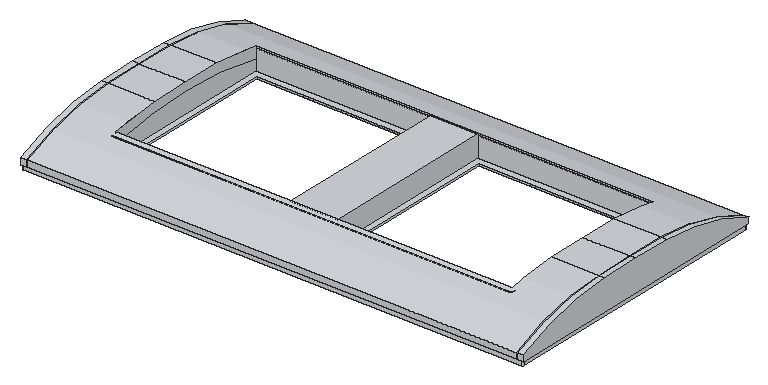
Revit family "Gira_0212803", category Electrical Fixtures, host Face, Revit 2017
Family settings
  Host = Face
  Maintain Annotation Orientation = No
  Round Connector Dimension = Use Diameter
  Part Type = Normal
  Cut with Voids When Loaded = No
  Shared = No
  Room Calculation Point = No
Parameters (values of type "Cov.fr. 2-g interm.fr. PW Gira Event p.white")
  With mounting grid = "No"
  With hinged lid = "No"
  URL = "http://katalog.gira.de/en/datenblatt.html?artikelnr=0212803"
  Type of fastening = "Clamp mounting"
  Transparent = "No"
  Surface protection = "Other"
  Suitable for wall duct = "No"
  Suitable for flush-mounted installation = "Yes"
  Suitable for floor box = "No"
  Suitable for built-in installation = "No"
  Number of units vertical = "2"
  Number of units horizontal = "2"
  Number of units = "2"
  Name = "Cov.fr. 2-g interm.fr. PW Gira Event p.white"
  Mounting direction = "Horizontal and vertical"
  Material quality = "Thermoplastic"
  Material = "Plastic"
  Manufacturer URL = "https://www.gira.de/"
  Manufacturer = "Gira"
  Label space/information surface = "No"
  Keynote = ""
  HeinzeBIM = "https://bimportal.heinze.de/bim/cov-fr-2-g-interm-fr-pw-gira-event-p-white/da16baabc88458c66f79bcc021243b95723c1d70"
  Halogen free = "Yes"
  HAN = "0212803"
  GTIN = "4010337069973"
  Description = "Cov.fr.2g i.fr.PW Event PW,Gira Event frames,pure white glossy with pure white glossy intermediate frame,2-gang,Features:,- Shatter-proof."
  Degree of protection (IP) = "IP20"
  Default Elevation = 1219.2 mm
  Data sheet (1) = "https://katalog.gira.de/en/download.html?artikelnr=0212803"
  Colour = "White"
  Category = "Cover frame for domestic switching devices"
  BIM (1) = "https://media.stage.bim.site/public/gira/36a6b08/Event_Rahmen_2fach.rfa"
  Available = "No"
Reference planes
  plane 1 "Center (Front/Back)": y = 0
  plane 2: z = 0
  plane 3 "Center (Left/Right)": x = 0
Forms (mm)
  Extrusion 1, solid, detail levels fine
    sketch origin (0, 0, 0.05) x (0, 1, 0) y (0, 0, 1)
      loop
        arc (12.445, 9.683) -> (6.223, 9.833) -> (0, 9.85) r 291.636
        arc (0, 9.85) -> (-6.223, 9.833) -> (-12.445, 9.683) r 291.636
        arc (-12.445, 9.683) -> (-29.14, 7.482) -> (-45, 1.823) r 79.728
        line (-45, 1.823) -> (-45, -0.05) -> (-42.086, -0.05)
        arc (-42.086, -0.05) -> (-21.385, 5.559) -> (0, 7.206) r 114.424
        arc (0, 7.206) -> (21.385, 5.559) -> (42.086, -0.05) r 114.424
        line (42.086, -0.05) -> (45, -0.05) -> (45, 1.823)
        arc (45, 1.823) -> (29.14, 7.482) -> (12.445, 9.683) r 79.728
    from -78.55 to 78.55
  Extrusion 2, void, detail levels fine
    sketch origin (0, 0, 0) x (1, 0, 0) y (0, 1, 0)
      loop
        line (-63.55, -27.937) -> (63.55, -27.937) -> (63.55, 28.063) -> (-63.55, 28.063) -> (-63.55, -27.937)
    from 0.724 to 11
  Extrusion 3, solid, detail levels coarse
    sketch origin (0, 0, 0) x (1, 0, 0) y (0, 1, 0)
      loop
        line (-80.55, 45) -> (-80.55, -45) -> (80.55, -45) -> (80.55, 45) -> (-80.55, 45)
    from -1.5 to 9.9
  Extrusion 4, solid, detail levels medium
    sketch origin (0, 0, 0.05) x (0, 1, 0) y (0, 0, 1)
      loop
        arc (12.445, 9.683) -> (6.223, 9.833) -> (0, 9.85) r 291.636
        arc (0, 9.85) -> (-6.223, 9.833) -> (-12.445, 9.683) r 291.636
        arc (-12.445, 9.683) -> (-29.14, 7.482) -> (-45, 1.823) r 79.728
        line (-45, 1.823) -> (-45, -0.05) -> (45, -0.05) -> (45, 1.823)
        arc (45, 1.823) -> (29.14, 7.482) -> (12.445, 9.683) r 79.728
    from -80.55 to 80.55
  Extrusion 5, solid, detail levels fine
    sketch origin (-35.55, 0, -1.5) x (0, 1, 0) y (0, 0, -1)
      loop
        line (45, -3.373) -> (45, -1.5) -> (-45, -1.5) -> (-45, -3.373)
        arc (-45, -3.373) -> (-29.14, -9.032) -> (-12.445, -11.233) r 79.728
        arc (-12.445, -11.233) -> (-6.223, -11.383) -> (0, -11.4) r 291.636
        arc (0, -11.4) -> (6.223, -11.383) -> (12.445, -11.233) r 291.636
        arc (12.445, -11.233) -> (29.14, -9.032) -> (45, -3.373) r 79.728
    from 43 to 45
  Extrusion 6, solid, detail levels fine
    sketch origin (0, 0, 0) x (1, 0, 0) y (0, 1, 0)
      loop
        line (-61.45, 25.7) -> (-61.45, -25.7) -> (-9.65, -25.7) -> (-9.65, 25.7) -> (-61.45, 25.7)
      loop
        line (61.45, -25.7) -> (61.45, 25.7) -> (9.65, 25.7) -> (9.65, -25.7) -> (61.45, -25.7)
      loop
        line (-64.445, 28.49) -> (-64.445, -28.495)
        spline (-64.445, -28.495) -> (-64.436, -28.625) -> (-64.411, -28.754) -> (-64.369, -28.878) -> (-64.311, -28.995) -> (-64.238, -29.104) -> (-64.152, -29.202) -> (-64.054, -29.288) -> (-63.945, -29.361) -> (-63.828, -29.419) -> (-63.704, -29.461) -> (-63.575, -29.486) -> (-63.445, -29.495)
        line (-63.445, -29.495) -> (63.445, -29.495)
        spline (63.445, -29.495) -> (63.575, -29.486) -> (63.704, -29.461) -> (63.828, -29.419) -> (63.945, -29.361) -> (64.054, -29.288) -> (64.152, -29.202) -> (64.238, -29.104) -> (64.311, -28.995) -> (64.369, -28.878) -> (64.411, -28.754) -> (64.436, -28.625) -> (64.445, -28.495)
        line (64.445, -28.495) -> (64.445, 28.49)
        spline (64.445, 28.49) -> (64.436, 28.62) -> (64.411, 28.748) -> (64.369, 28.872) -> (64.311, 28.99) -> (64.238, 29.098) -> (64.152, 29.197) -> (64.054, 29.283) -> (63.945, 29.356) -> (63.828, 29.413) -> (63.704, 29.456) -> (63.575, 29.481) -> (63.445, 29.49)
        line (63.445, 29.49) -> (-63.445, 29.49)
        spline (-63.445, 29.49) -> (-63.575, 29.481) -> (-63.704, 29.456) -> (-63.828, 29.413) -> (-63.945, 29.356) -> (-64.054, 29.283) -> (-64.152, 29.197) -> (-64.238, 29.098) -> (-64.311, 28.99) -> (-64.369, 28.872) -> (-64.411, 28.748) -> (-64.436, 28.62) -> (-64.445, 28.49)
    from 0.1 to 7.3
  Extrusion 7, solid
    sketch origin (0, 0, 0) x (1, 0, 0) y (0, 1, 0)
      loop
        arc (-80.25, -44.2) -> (-80.104, -44.554) -> (-79.75, -44.7) r 0.5
        line (-79.75, -44.7) -> (79.75, -44.7)
        arc (79.75, -44.7) -> (80.104, -44.554) -> (80.25, -44.2) r 0.5
        line (80.25, -44.2) -> (80.25, 44.2)
        arc (80.25, 44.2) -> (80.104, 44.554) -> (79.75, 44.7) r 0.5
        line (79.75, 44.7) -> (-79.75, 44.7)
        arc (-79.75, 44.7) -> (-80.104, 44.554) -> (-80.25, 44.2) r 0.5
        line (-80.25, 44.2) -> (-80.25, -44.2)
      loop
        line (-78.55, 43) -> (-78.55, -43) -> (78.55, -43) -> (78.55, 43) -> (-78.55, 43)
    from -1.5 to 0.5
  Extrusion 8, solid, detail levels fine
    sketch origin (35.55, 0, -1.5) x (0, 1, 0) y (0, 0, 1)
      loop
        arc (45, 3.373) -> (29.14, 9.032) -> (12.445, 11.233) r 79.728
        arc (12.445, 11.233) -> (6.223, 11.383) -> (0, 11.4) r 291.636
        arc (0, 11.4) -> (-6.223, 11.383) -> (-12.445, 11.233) r 291.636
        arc (-12.445, 11.233) -> (-29.14, 9.032) -> (-45, 3.373) r 79.728
        line (-45, 3.373) -> (-45, 1.5) -> (45, 1.5) -> (45, 3.373)
    from 43 to 45
  Extrusion 9, solid, detail levels medium
    sketch origin (0, 0, 0) x (1, 0, 0) y (0, 1, 0)
      loop
        line (-80.25, -44.7) -> (80.25, -44.7) -> (80.25, 44.7) -> (-80.25, 44.7) -> (-80.25, -44.7)
    from -1.5 to 0.5
  Extrusion 10, solid, detail levels fine
    sketch origin (0, 0, 0) x (1, 0, 0) y (0, 1, 0)
      loop
        line (-7.55, 28.063) -> (-7.55, -27.937) -> (7.55, -27.937) -> (7.55, 28.063) -> (-7.55, 28.063)
    from 0.724 to 7.566
Cuts and joins
  Extrusion 2 cuts Extrusion 1
  Extrusion 2 cuts Extrusion 6
Dimensions and locks
  aligned and locked: plane 2 to host face
  aligned and locked: level to host face
